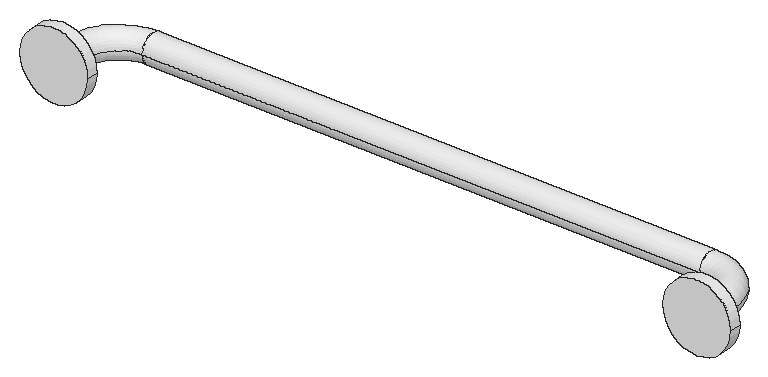
Revit family "Barra_Apoio_U", category Plumbing Fixtures, host Wall, Revit 2025
Family settings
  Host = Wall
  Round Connector Dimension = Use Diameter
  Part Type = Normal
  OmniClass Number = 23.45.00.00
  OmniClass Title = Sanitary, Laundry, and Cleaning Equipment
  Enable Cutting in Views = No
  Always vertical = Yes
  Cut with Voids When Loaded = No
  Maintain Annotation Orientation = No
  Shared = No
  Room Calculation Point = No
Parameters (values of type "BAA_U75")
  Material_Barra = CT_Cromados
  Description = "Descrição do tipo"
  Default Elevation = 0.000 m
  Barra_Deslocamento [instance] = 0.200 m
  Barra_Comprimento = 0.750 m
  Barra_Altura [instance] = 0.750 m
  Barra_Afastamento = 0.082 m
Reference planes (m)
  plane 1: y = 0
  plane 2 "Center (Left/Right)": x = 0.125
  plane 3 "Back": y = 0.075
  plane 4: x = 0.325
  plane 5: y = 0.088
  plane 6: x = 1.075
  plane 7 "Altura": z = 0.75
  plane 8: y = 0.157
Forms (m)
  Extrusion 1, solid, material "CT_Cromados" <- "Material_Barra"
    sketch origin (0.243231, 0.075, 0.450377) x (1, 0, 0) y (0, 0, 1)
      loop
        circle (0.081769, 0.299623) r 0.0395
    from 0 to -0.013
  Extrusion 2, solid, material "CT_Cromados" <- "Material_Barra"
    sketch origin (0.906621, 0.075, 0.600377) x (1, 0, 0) y (0, 0, 1)
      loop
        circle (0.168379, 0.149623) r 0.0395
    from 0 to -0.013
  Sweep 3, solid, material "CT_Cromados" <- "Material_Barra"
    path origin (0, 0, 0.75) x (0, 1, 0) y (-1, 0, 0)
      loop
        line (0.075, -1.075) -> (0.107, -1.075)
        arc (0.107, -1.075) -> (0.142355, -1.060355) -> (0.157, -1.025) r 0.05
        line (0.157, -1.025) -> (0.157, -0.375)
        arc (0.157, -0.375) -> (0.142355, -0.339645) -> (0.107, -0.325) r 0.05
        line (0.107, -0.325) -> (0.075, -0.325)
    profile origin (1.075, 0.091, 0.75) x (-1, 0, 0) y (0, 0, 1)
      loop
        circle (0, 0) r 0.016
Cuts and joins
  joined: Extrusion 1, Extrusion 2, Sweep 3
Text (m)
  text "Placement side" at (-1.787139, 0.59235, 0), in view "Ref. Level"
  text "Placement side" at (0, 1.827695, 2.917686), in view "Left"
  text "Placement side" at (0, 0.562268, 3.853606), in view "Right"
Dimensions and locks (m)
  locked: plane 3 "Back" to host wall
  "Barra_Deslocamento": plane 2 "Center (Left/Right)" to plane 4
  locked: plane 5 to plane 3 "Back" at 0.013
  "Barra_Comprimento": plane 4 to plane 6
  "Barra_Altura": plane 7 "Altura" to level
  "Barra_Afastamento": plane 8 to plane 3 "Back"
  radius of Sweep 3 sketch curve = 0.050 m  (x2)
  aligned and locked: plane 1 to host wall
  aligned and locked: plane 5 to Extrusion 1
  aligned and locked: plane 3 "Back" to Extrusion 1
  aligned and locked: plane 7 "Altura" to Extrusion 2 sketch curve
  aligned and locked: plane 7 "Altura" to Extrusion 1 sketch curve
  aligned and locked: plane 7 "Altura" to Extrusion 1
  aligned and locked: Sweep 3 sketch curve to plane 8
  aligned and locked: cut or joined group of Extrusion 1, Extrusion 2, Sweep 3 to host wall
  aligned and locked: cut or joined group of Extrusion 1, Extrusion 2, Sweep 3 to cut or joined group of Extrusion 1, Extrusion 2, Sweep 3  (x2)
Automatic sketch dimensions
  Extrusion 1 sketch curve to plane 4 = 0.000 m
  Extrusion 1 sketch curve to Extrusion 1 sketch curve = 0.0395 m
  Extrusion 2 sketch curve to plane 6 = 0.000 m
  Extrusion 2 sketch curve to plane 6 = 0.0395 m
  plane 3 "Back" to Sweep 3 sketch curve = 0.000 m  (x2)
  Sweep 3 sketch curve to plane 6 = 0.000 m
  Sweep 3 sketch curve to plane 4 = 0.000 m
  Sweep 3 sketch curve to plane 7 "Altura" = 0.000 m
  Sweep 3 sketch curve to profile plane = 0.000 m
  radius of Sweep 3 sketch curve = 0.016 m
